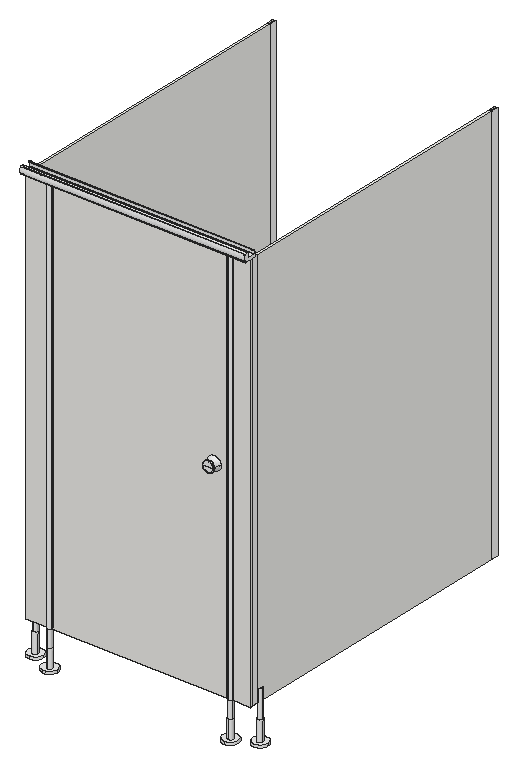
Revit family "Alsanit - Kabiny sanitarne AQUARI - HPL", category Doors, Revit 2020 (continued)
Definition of nested family "front"
  Dimensions and locks
    equal spacing: Sweep 15 sketch curve, plane 19, Sweep 15 sketch curve
    equal spacing: Sweep 15 sketch curve, plane 23, Sweep 15 sketch curve
    equal spacing: Sweep 14 sketch curve, plane 22, Sweep 14 sketch curve
    equal spacing: Sweep 14 sketch curve, plane 19, Sweep 14 sketch curve
    "Wysokość zawiasów": plane 26 to level
    equal spacing: Sweep 9 sketch curve, plane 19, Sweep 9 sketch curve
    equal spacing: Sweep 9 sketch curve, plane 23, Sweep 9 sketch curve
    equal spacing: Sweep 16 sketch curve, plane 19, Sweep 16 sketch curve
    locked: Sweep 16 sketch curve to Sweep 16 sketch curve at 9.998
    equal spacing: Sweep 18 sketch curve, plane 19, Sweep 18 sketch curve
    equal spacing: Sweep 18 sketch curve, plane 23, Sweep 18 sketch curve
    locked: Sweep 20 sketch curve to plane 4 at 5
    equal spacing: Sweep 19 sketch curve, plane 19, Sweep 19 sketch curve
    locked: Sweep 19 sketch curve to Sweep 19 sketch curve at 9.998
    equal spacing: Sweep 21 sketch curve, plane 19, Sweep 21 sketch curve
    locked: Sweep 21 sketch curve to Sweep 21 sketch curve at 9.998
    plane 27 to plane 12 = 15.00 mm
    plane 12 to plane 28 = 2.00 mm
    plane 29 to plane 27 = 3.00 mm
    "Średnica zawiasów": diameter of Sweep 10 sketch curve
    "Średnica zawiasów": diameter of Sweep 11 sketch curve
    diameter of Sweep 12 sketch curve = 24.00 mm
    diameter of Sweep 13 sketch curve = 24.00 mm
    "Średnica zawiasów": diameter of Sweep 9 sketch curve
    "Średnica zawiasów": diameter of Sweep 18 sketch curve
    "Średnica zawiasów": diameter of Sweep 8 sketch curve
    aligned and locked: level to plane 2
    aligned and locked: plane 6 to Sweep 1 sketch curve
    aligned and locked: plane 3 "Center (Left/Right)" to Sweep 1 sketch curve
    aligned and locked: plane 5 to Sweep 1 sketch curve
    aligned and locked: Sweep 1 sketch curve to plane 8
    aligned and locked: Sweep 1 sketch curve to plane 7
    aligned and locked: Sweep 1 sketch curve to plane 4
    aligned and locked: plane 13 to Sweep 4 sketch curve
    aligned and locked: plane 12 to Sweep 4 sketch curve
    aligned and locked: plane 7 to Sweep 4 sketch curve
    aligned and locked: plane 13 to Extrusion 5
    aligned and locked: plane 1 "Center (Front/Back)" to Extrusion 5
    aligned and locked: plane 8 to curve 1
    aligned and locked: curve 2 to plane 4
    aligned and locked: plane 7 to curve 2
    aligned and locked: plane 17 to curve 1
    aligned and locked: curve 4 to plane 8
    aligned and locked: plane 1 "Center (Front/Back)" to curve 5
    aligned and locked: plane 7 to curve 5
    aligned and locked: plane 5 to Sweep 8 sketch curve
    aligned and locked: plane 5 to Sweep 9 sketch curve
    aligned and locked: plane 5 to Sweep 10 sketch curve
    aligned and locked: plane 25 to Sweep 10 sketch curve
    aligned and locked: plane 5 to Sweep 11 sketch curve
    aligned and locked: plane 25 to Sweep 11 sketch curve
    aligned and locked: plane 25 to Sweep 12 sketch curve
    aligned and locked: plane 24 to Sweep 12 sketch curve
    aligned and locked: plane 25 to Sweep 13 sketch curve
    aligned and locked: plane 24 to Sweep 13 sketch curve
    aligned and locked: plane 24 to Sweep 14 sketch curve
    aligned and locked: level to Sweep 14 sketch curve
    aligned and locked: plane 24 to Sweep 15 sketch curve
    aligned and locked: level to Sweep 15 sketch curve
    aligned and locked: plane 26 to Sweep 8 sketch curve
    aligned and locked: plane 26 to Sweep 9 sketch curve
    aligned and locked: plane 26 to Sweep 16 sketch curve
    aligned and locked: plane 5 to Sweep 16 sketch curve
    aligned and locked: plane 26 to Sweep 17 sketch curve
    aligned and locked: plane 5 to Sweep 17 sketch curve
    aligned and locked: plane 23 to Sweep 17 sketch curve
    aligned and locked: Sweep 17 sketch curve to plane 19
    aligned and locked: Sweep 17 sketch curve to plane 1 "Center (Front/Back)"
    aligned and locked: Sweep 17 sketch curve to plane 13
    aligned and locked: Sweep 17 sketch curve to plane 23
    aligned and locked: plane 26 to Sweep 18 sketch curve
    aligned and locked: plane 5 to Sweep 18 sketch curve
    aligned and locked: plane 23 to Sweep 18 sketch curve
    aligned and locked: plane 26 to Sweep 19 sketch curve
    aligned and locked: plane 5 to Sweep 19 sketch curve
    aligned and locked: plane 23 to Sweep 19 sketch curve
    aligned and locked: Sweep 19 sketch curve to plane 21
    aligned and locked: plane 26 to Sweep 20 sketch curve
    aligned and locked: plane 23 to Sweep 20 sketch curve  (x2)
    aligned and locked: plane 5 to Sweep 20 sketch curve
    aligned and locked: plane 4 to Sweep 20 sketch curve
    aligned and locked: plane 26 to Sweep 21 sketch curve
    aligned and locked: plane 5 to Sweep 21 sketch curve
    aligned and locked: plane 22 to Sweep 21 sketch curve
    aligned and locked: Sweep 21 sketch curve to plane 20
    aligned and locked: curve 1 to Sweep 21 sketch curve
    aligned and locked: plane 21 to Sweep 16 sketch curve
    aligned and locked: Sweep 10 sketch curve to plane 22
    aligned and locked: Sweep 13 sketch curve to plane 22
    aligned and locked: plane 22 to Sweep 14 sketch curve
    aligned and locked: plane 23 to Sweep 11 sketch curve
    aligned and locked: Sweep 12 sketch curve to plane 23
    aligned and locked: Sweep 15 sketch curve to plane 23
    aligned and locked: Revolve 3 sketch curve to plane 28
    aligned and locked: plane 27 to Sweep 22 sketch curve
    aligned and locked: plane 28 to Sweep 22 sketch curve
    aligned and locked: plane 29 to SweptBlend 23 sketch curve
    aligned and locked: plane 27 to SweptBlend 23 sketch curve
  Automatic sketch dimensions
    Extrusion 5 sketch curve to plane 3 "Center (Left/Right)" = 0.00 mm
    Extrusion 5 sketch curve to plane 3 "Center (Left/Right)" = 9.496 mm
    Extrusion 5 sketch curve to Extrusion 5 sketch curve = 4.01 mm  (x2)
    plane 3 "Center (Left/Right)" to Extrusion 5 sketch curve = 9.496 mm
    Extrusion 5 sketch curve to plane 6 = 252.608 mm
    Extrusion 5 sketch curve to Extrusion 5 sketch curve = 5.253 mm  (x2)
    Extrusion 5 sketch curve to Extrusion 5 sketch curve = 8.198 mm  (x2)
    Extrusion 5 sketch curve to Extrusion 5 sketch curve = 9.245 mm
    Extrusion 5 sketch curve to Extrusion 5 sketch curve = 0.00 mm
    Extrusion 6 sketch curve to plane 6 = 252.608 mm
    Extrusion 6 sketch curve to Extrusion 6 sketch curve = 3.724 mm
    Extrusion 6 sketch curve to Extrusion 6 sketch curve = 6.458 mm
    Extrusion 6 sketch curve to Extrusion 6 sketch curve = 7.301 mm
    Extrusion 6 sketch curve to Extrusion 6 sketch curve = 3.101 mm
    Extrusion 6 sketch curve to Extrusion 6 sketch curve = 10.258 mm
    Extrusion 6 sketch curve to Extrusion 6 sketch curve = 4.27 mm
    Extrusion 6 sketch curve to Extrusion 6 sketch curve = 5.269 mm
    Extrusion 6 sketch curve to Extrusion 6 sketch curve = 11.338 mm
    Extrusion 6 sketch curve to Extrusion 6 sketch curve = 0.173 mm
    Extrusion 6 sketch curve to Extrusion 6 sketch curve = 3.03 mm
    Extrusion 6 sketch curve to Extrusion 6 sketch curve = 7.018 mm
    Extrusion 6 sketch curve to Extrusion 6 sketch curve = 44.934 mm
    Extrusion 6 sketch curve to Extrusion 6 sketch curve = 0.00 mm  (x3)
    Extrusion 7 sketch curve to plane 6 = 252.608 mm
    Extrusion 7 sketch curve to Extrusion 7 sketch curve = 3.724 mm
    Extrusion 7 sketch curve to Extrusion 7 sketch curve = 6.458 mm
    Extrusion 7 sketch curve to Extrusion 7 sketch curve = 7.301 mm
    Extrusion 7 sketch curve to Extrusion 7 sketch curve = 3.101 mm
    Extrusion 7 sketch curve to Extrusion 7 sketch curve = 10.258 mm
    Extrusion 7 sketch curve to Extrusion 7 sketch curve = 4.27 mm
    Extrusion 7 sketch curve to Extrusion 7 sketch curve = 5.269 mm
    Extrusion 7 sketch curve to Extrusion 7 sketch curve = 11.338 mm
    Extrusion 7 sketch curve to Extrusion 7 sketch curve = 0.173 mm
    Extrusion 7 sketch curve to Extrusion 7 sketch curve = 3.03 mm
    Extrusion 7 sketch curve to Extrusion 7 sketch curve = 7.018 mm
    Extrusion 7 sketch curve to Extrusion 7 sketch curve = 44.934 mm
    Extrusion 7 sketch curve to Extrusion 7 sketch curve = 0.00 mm  (x3)
    plane 1 "Center (Front/Back)" to Sweep 1 sketch curve = 0.00 mm
    plane 8 to Sweep 8 sketch curve = 5.26 mm
    Sweep 9 sketch curve to plane 7 = 0.274 mm
    Sweep 16 sketch curve to plane 23 = 0.00 mm
    profile plane to Sweep 16 sketch curve = 4.547 mm
    Sweep 17 sketch curve to profile plane = 2.00 mm
    Sweep 17 sketch curve to profile plane = 8.369 mm
    Sweep 17 sketch curve to Sweep 17 sketch curve = 25.273 mm
    Sweep 20 sketch curve to Sweep 20 sketch curve = 2.00 mm
    Sweep 20 sketch curve to Sweep 20 sketch curve = 31.642 mm
    Sweep 19 sketch curve to Sweep 19 sketch curve = 6.729 mm
    Revolve 2 sketch curve to plane 9 = 0.00 mm  (x2)
    Revolve 2 sketch curve to plane 4 = 0.00 mm
    plane 23 to Revolve 2 sketch curve = 5.153 mm
    Revolve 2 sketch curve to plane 10 = 16.186 mm
    Revolve 2 sketch curve to plane 10 = 24.00 mm
    Revolve 2 sketch curve to Revolve 2 sketch curve = 25.00 mm  (x2)
    Revolve 2 sketch curve to Revolve 2 sketch curve = 10.00 mm
    Revolve 3 sketch curve to plane 9 = 0.00 mm  (x3)
    plane 1 "Center (Front/Back)" to Revolve 3 sketch curve = 0.00 mm
    plane 9 to Revolve 3 sketch curve = 23.50 mm
    Revolve 3 sketch curve to Revolve 3 sketch curve = 1.50 mm
    Revolve 3 sketch curve to plane 12 = 2.881 mm
    Revolve 3 sketch curve to plane 7 = 22.143 mm
    Revolve 3 sketch curve to plane 10 = 24.00 mm
    Revolve 3 sketch curve to Revolve 3 sketch curve = 3.50 mm
    Revolve 3 sketch curve to Revolve 3 sketch curve = 4.976 mm
    Revolve 3 sketch curve to Revolve 3 sketch curve = 20.00 mm
    Revolve 3 sketch curve to Revolve 3 sketch curve = 10.00 mm
    Sweep 22 sketch curve to plane 9 = 0.00 mm
    Sweep 4 sketch curve to profile plane = 0.00 mm  (x2)
    profile plane to Sweep 4 sketch curve = 26.00 mm
    profile plane to Sweep 4 sketch curve = 16.877 mm
    Sweep 4 sketch curve to profile plane = 57.00 mm
    Sweep 4 sketch curve to profile plane = 9.00 mm
    SweptBlend 23 sketch curve to plane 9 = 0.00 mm
    profile plane to SweptBlend 23 sketch curve = 60.398 mm
    SweptBlend 23 sketch curve to SweptBlend 23 sketch curve = 0.00 mm  (x3)
    SweptBlend 23 sketch curve to SweptBlend 23 sketch curve = 0.105 mm
    SweptBlend 23 sketch curve to profile plane = 8.41 mm
    level to SweptBlend 23 sketch curve = 1108.003 mm
    SweptBlend 23 sketch curve to SweptBlend 23 sketch curve = 1.997 mm
    SweptBlend 23 sketch curve to SweptBlend 23 sketch curve = 0.293 mm  (x2)
    SweptBlend 23 sketch curve to SweptBlend 23 sketch curve = 5.588 mm
    profile plane to Sweep 22 sketch curve = 60.555 mm
    Sweep 22 sketch curve to Sweep 22 sketch curve = 0.00 mm
    Sweep 22 sketch curve to Sweep 22 sketch curve = 0.262 mm
    Sweep 22 sketch curve to profile plane = 7.195 mm  (x2)
    Sweep 22 sketch curve to profile plane = 7.643 mm
    level to Sweep 22 sketch curve = 1101.456 mm
    Sweep 22 sketch curve to Sweep 22 sketch curve = 3.551 mm
    Sweep 22 sketch curve to Sweep 22 sketch curve = 8.544 mm
    Sweep 22 sketch curve to Sweep 22 sketch curve = 4.993 mm
    profile plane to SweptBlend 23 sketch curve = 60.555 mm
    SweptBlend 23 sketch curve to SweptBlend 23 sketch curve = 0.262 mm
    SweptBlend 23 sketch curve to profile plane = 7.195 mm  (x2)
    level to SweptBlend 23 sketch curve = 1101.456 mm
    SweptBlend 23 sketch curve to SweptBlend 23 sketch curve = 4.993 mm
    SweptBlend 23 sketch curve to SweptBlend 23 sketch curve = 3.551 mm
    SweptBlend 23 sketch curve to SweptBlend 23 sketch curve = 17.088 mm
    SweptBlend 23 sketch curve to profile plane = 7.643 mm
    Sweep 8 sketch curve to Sweep 8 sketch curve = 0.00 mm  (x2)
    plane 1 "Center (Front/Back)" to Sweep 8 sketch curve = 0.00 mm  (x2)
    Sweep 8 sketch curve to profile plane = 6.24 mm
    radius of Sweep 15 sketch curve = 35.00 mm
    radius of Sweep 14 sketch curve = 35.00 mm
Types (2, lengths in mm): name | Thickness | Szerokość wewnętrzna modułu (min. 1000) | Szerokość wewnętrzna modułu | Szerokość drzwi (max. 1000 mm) | Szerokość zewnętrzna modułu | Szerokość obliczona | Szerokość drzwi | Prawe odsunięcie osi | Odsunięcie prawej ścianki od osi (min. 60 mm) | Lewe odsunięcie osi | Odsunięcie lewej ścianki od osi (min. 60 mm) | Grubość ścianki
  10mm | 10.00 | 1000.00 | 1000.00 | 800.00 | 1026.00 | 1000.00 | 800.00 | 8.00 | 100.00 | 8.00 | 110.00 | 10.00
  12mm | 12.00 | 1200.00 | 1200.00 | 1000.00 | 1230.00 | 1200.00 | 1000.00 | 9.00 | 101.00 | 9.00 | 111.00 | 12.00
